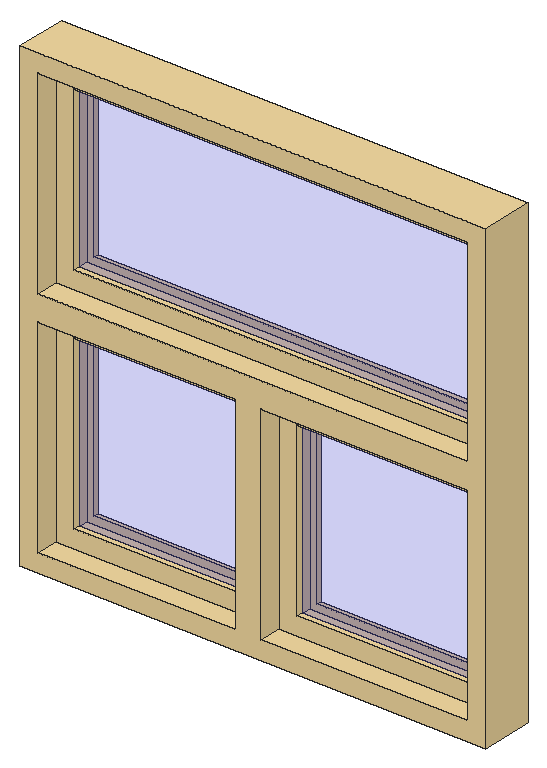
Revit family "3301-COto 62", category Windows, host Wall, Revit 2016
Family settings
  Host = Wall
  OmniClass Number = 23.30.20.00
  OmniClass Title = Windows
  Always vertical = Yes
  Cut with Voids When Loaded = No
  Shared = No
  Room Calculation Point = No
Parameters (values of type "1188x1188mm")
  top 3 [instance] = yes
  top 2 [instance] = yes
  top 1 [instance] = yes
  right 2 [instance] = no
  right 1 [instance] = no
  right 3 [instance] = no
  left 3 [instance] = no
  left 2 [instance] = no
  left 1 [instance] = no
  Sash 3 [instance] = or(top 3, right 3, left 3)  # yes
  Sash 2 [instance] = or(top 2, right 2, left 2)  # yes
  Sash 1 [instance] = or(top 1, right 1, left 1)  # yes
  Rough Width = Width + 2 * Joint  # 1212 mm
  Rough Height = Height + 2 * Joint  # 1212 mm
  Offset from wall = 40 mm
  Mullion 2 Placement = 594 mm
  Mullion 1 Placement = 594 mm
  Manufacturer = "www.kronevinduer.dk"
  Joint = 12 mm
  Height = 1188 mm
  Frame 176mm [instance] = no
  Frame 157mm [instance] = no
  Default Sill Height = 800 mm
  Wall Closure = By host
  Width = 1188 mm
  Analytic Construction = "<None>"
Reference planes
  plane 1 "Center (Front/Back)": y = 0
  plane 2 "Center (Left/Right)": x = 0
  plane 3 "Left": x = -594
  plane 4 "Right": x = 594
  plane 5 "Sill": z = 800
  plane 6 "Head": z = 1988
  plane 7 "Exterior": y = 100
  plane 8 "Interior": y = -100
  plane 9: y = 60
  plane 10: x = 582
  plane 11: x = -582
  plane 12: z = 812
  plane 13: z = 1976
  plane 14: x = -12
  plane 15: z = 1406
  plane 16: x = 285
  plane 17: x = -297
  plane 18: z = 1109
  plane 19: z = 1394
  plane 20: z = 1691
Forms (mm)
  Sweep 1, solid, material "Wood frame"
    path origin (0, 100, 0) x (1, 0, 0) y (0, 0, 1)
      loop
        line (582, 812) -> (582, 1976) -> (-582, 1976) -> (-582, 812) -> (582, 812)
    profile "COto 62 træ-alu,karm- fast glas 45mm : COto 62 træ-alu,karm- fast glas 45mm" origin (0, 100, 812) x (0, 0, -1) y (0, -1, 0)
      loop
        line (0, 170) -> (-45, 170) -> (-45, 99) -> (-27, 99) -> (-27, 51) -> (-45, 51) -> (-45, 40) -> (0, 40) -> (0, 170)
  Sweep 2, solid, material "Wood frame", visible <- "Frame 157mm"
    path origin (0, 100, 0) x (1, 0, 0) y (0, 0, 1)
      loop
        line (582, 812) -> (582, 1976) -> (-582, 1976) -> (-582, 812) -> (582, 812)
    profile "COto 62 træ-alu,karm- fast glas 45mm-157 : COto 62 træ-alu,karm- fast glas 45mm-157" origin (0, 100, 812) x (0, 0, -1) y (0, -1, 0)
      loop
        line (0, 197) -> (-45, 197) -> (-45, 99) -> (-27, 99) -> (-27, 51) -> (-45, 51) -> (-45, 40) -> (0, 40) -> (0, 197)
  Sweep 3, solid, material "Wood frame", visible <- "Frame 176mm"
    path origin (0, 100, 0) x (1, 0, 0) y (0, 0, 1)
      loop
        line (582, 812) -> (582, 1976) -> (-582, 1976) -> (-582, 812) -> (582, 812)
    profile "COto 62 træ-alu,karm- fast glas 45mm-176 : COto 62 træ-alu,karm- fast glas 45mm-176" origin (0, 100, 812) x (0, 0, -1) y (0, -1, 0)
      loop
        line (0, 216) -> (-45, 216) -> (-45, 99) -> (-27, 99) -> (-27, 51) -> (-45, 51) -> (-45, 40) -> (0, 40) -> (0, 216)
  Extrusion 4, solid, material "Glass"
    sketch origin (-594, 0, 0) x (0, -1, 0) y (0, 0, 1)
      loop
        line (-49, 839) -> (-1, 839) -> (-1, 1949) -> (-49, 1949) -> (-49, 839)
    from -1149 to -39
  Sweep 5, solid, material "Wood frame"
    path origin (0, 100, 0) x (1, 0, 0) y (0, 0, 1)
      loop
        line (582, 1406) -> (-582, 1406)
    profile "COto 62 træ-alu, Post-fast glas 63 mm : COto 62 træ-alu, Post-fast glas 63 mm" origin (0, 100, 1406) x (0, 0, -1) y (0, -1, 0)
      loop
        line (31.5, 170) -> (-31.5, 170) -> (-31.5, 99) -> (-13.5, 99) -> (-13.5, 51) -> (-31.5, 51) -> (-31.5, 40) -> (31.5, 40) -> (31.5, 51) -> (13.5, 51) -> (13.5, 99) -> (31.5, 99) -> (31.5, 170)
  Sweep 6, solid, material "Wood frame", visible <- "Frame 157mm"
    path origin (0, 100, 0) x (1, 0, 0) y (0, 0, 1)
      loop
        line (582, 1406) -> (-582, 1406)
    profile "COto 62 træ-alu, Post-fast glas 63 mm-157 : COto 62 træ-alu, Post-fast glas 63 mm-157" origin (0, 100, 1406) x (0, 0, -1) y (0, -1, 0)
      loop
        line (31.5, 197) -> (-31.5, 197) -> (-31.5, 99) -> (-13.5, 99) -> (-13.5, 51) -> (-31.5, 51) -> (-31.5, 40) -> (31.5, 40) -> (31.5, 51) -> (13.5, 51) -> (13.5, 99) -> (31.5, 99) -> (31.5, 197)
  Sweep 7, solid, material "Wood frame", visible <- "Frame 176mm"
    path origin (0, 100, 0) x (1, 0, 0) y (0, 0, 1)
      loop
        line (582, 1406) -> (-582, 1406)
    profile "COto 62 træ-alu, Post-fast glas 63 mm-176 : COto 62 træ-alu, Post-fast glas 63 mm-176" origin (0, 100, 1406) x (0, 0, -1) y (0, -1, 0)
      loop
        line (31.5, 216) -> (-31.5, 216) -> (-31.5, 99) -> (-13.5, 99) -> (-13.5, 51) -> (-31.5, 51) -> (-31.5, 40) -> (31.5, 40) -> (31.5, 51) -> (13.5, 51) -> (13.5, 99) -> (31.5, 99) -> (31.5, 216)
  Sweep 8, solid, material "Wood frame"
    path origin (0, 100, 0) x (1, 0, 0) y (0, 0, 1)
      loop
        line (-12, 812) -> (-12, 1406)
    profile "COto 62 træ-alu, Post-fast glas 63 mm : COto 62 træ-alu, Post-fast glas 63 mm" origin (-12, 100, 1109) x (-1, 0, 0) y (0, -1, 0)
      loop
        line (31.5, 170) -> (-31.5, 170) -> (-31.5, 99) -> (-13.5, 99) -> (-13.5, 51) -> (-31.5, 51) -> (-31.5, 40) -> (31.5, 40) -> (31.5, 51) -> (13.5, 51) -> (13.5, 99) -> (31.5, 99) -> (31.5, 170)
  Sweep 9, solid, material "Wood frame", visible <- "Frame 157mm"
    path origin (0, 100, 0) x (1, 0, 0) y (0, 0, 1)
      loop
        line (-12, 812) -> (-12, 1406)
    profile "COto 62 træ-alu, Post-fast glas 63 mm-157 : COto 62 træ-alu, Post-fast glas 63 mm-157" origin (-12, 100, 1109) x (-1, 0, 0) y (0, -1, 0)
      loop
        line (31.5, 197) -> (-31.5, 197) -> (-31.5, 99) -> (-13.5, 99) -> (-13.5, 51) -> (-31.5, 51) -> (-31.5, 40) -> (31.5, 40) -> (31.5, 51) -> (13.5, 51) -> (13.5, 99) -> (31.5, 99) -> (31.5, 197)
  Sweep 10, solid, material "Wood frame", visible <- "Frame 176mm"
    path origin (0, 100, 0) x (1, 0, 0) y (0, 0, 1)
      loop
        line (-12, 812) -> (-12, 1406)
    profile "COto 62 træ-alu, Post-fast glas 63 mm-176 : COto 62 træ-alu, Post-fast glas 63 mm-176" origin (-12, 100, 1109) x (-1, 0, 0) y (0, -1, 0)
      loop
        line (31.5, 216) -> (-31.5, 216) -> (-31.5, 99) -> (-13.5, 99) -> (-13.5, 51) -> (-31.5, 51) -> (-31.5, 40) -> (31.5, 40) -> (31.5, 51) -> (13.5, 51) -> (13.5, 99) -> (31.5, 99) -> (31.5, 216)
  Sweep 11, solid, material "Wood frame", visible <- "Sash 1"
    path origin (0, 100, 0) x (1, 0, 0) y (0, 0, 1)
      loop
        line (555, 839) -> (555, 1392.5) -> (1.5, 1392.5) -> (1.5, 839) -> (555, 839)
    profile "COto 62 træ-alu,opluk-ramme : COto 62 træ-alu,opluk-ramme" origin (278.25, 100, 839) x (0, 0, -1) y (0, -1, 0)
      loop
        line (0, 99) -> (-18, 99) -> (-18, 114) -> (-63, 114) -> (-63, 99) -> (-45, 99) -> (-45, 51) -> (-63, 51) -> (-63, 40) -> (0, 40) -> (0, 99)
  Sweep 12, solid, material "Wood frame", visible <- "Sash 2"
    path origin (0, 100, 0) x (1, 0, 0) y (0, 0, 1)
      loop
        line (-25.5, 839) -> (-25.5, 1392.5) -> (-555, 1392.5) -> (-555, 839) -> (-25.5, 839)
    profile "COto 62 træ-alu,opluk-ramme : COto 62 træ-alu,opluk-ramme" origin (-290.25, 100, 839) x (0, 0, -1) y (0, -1, 0)
      loop
        line (0, 99) -> (-18, 99) -> (-18, 114) -> (-63, 114) -> (-63, 99) -> (-45, 99) -> (-45, 51) -> (-63, 51) -> (-63, 40) -> (0, 40) -> (0, 99)
  Sweep 13, solid, material "Wood frame", visible <- "Sash 3"
    path origin (0, 100, 0) x (1, 0, 0) y (0, 0, 1)
      loop
        line (555, 1419.5) -> (555, 1949) -> (-555, 1949) -> (-555, 1419.5) -> (555, 1419.5)
    profile "COto 62 træ-alu,opluk-ramme : COto 62 træ-alu,opluk-ramme" origin (0, 100, 1419.5) x (0, 0, -1) y (0, -1, 0)
      loop
        line (0, 99) -> (-18, 99) -> (-18, 114) -> (-63, 114) -> (-63, 99) -> (-45, 99) -> (-45, 51) -> (-63, 51) -> (-63, 40) -> (0, 40) -> (0, 99)
Cuts and joins
  joined: Sweep 1, Sweep 5, Sweep 8
  joined: Sweep 2, Sweep 6, Sweep 9
  joined: Sweep 3, Sweep 7, Sweep 10
Lines and regions (mm)
  Opening 1
    outline origin (3500, -100, 0) x (1, 0, 0) y (0, 0, 1)
      loop
        line (-2906, 800) -> (-2906, 1988) -> (-4094, 1988) -> (-4094, 800) -> (-2906, 800)
  symbolic lines, visible <- "top 1"
    curve 1: line (555, 100, 1392.5) -> (285, 100, 839)
    curve 2: line (285, 100, 839) -> (1.5, 100, 1392.5)
  symbolic lines, visible <- "top 2"
    curve 3: line (-25.5, 100, 1392.5) -> (-297, 100, 839)
    curve 4: line (-297, 100, 839) -> (-555, 100, 1392.5)
  symbolic lines, visible <- "top 3"
    curve 5: line (555, 100, 1949) -> (0, 100, 1419.5)
    curve 6: line (0, 100, 1419.5) -> (-555, 100, 1949)
  symbolic lines, visible <- "left 3"
    curve 7: line (555, 100, 1949) -> (-555, 100, 1691)
    curve 8: line (-555, 100, 1691) -> (555, 100, 1419.5)
  symbolic lines, visible <- "right 3"
    curve 9: line (-555, 100, 1949) -> (555, 100, 1691)
    curve 10: line (555, 100, 1691) -> (-555, 100, 1419.5)
  symbolic lines, visible <- "left 1"
    curve 11: line (555, 100, 1392.5) -> (1.5, 100, 1109)
    curve 12: line (1.5, 100, 1109) -> (555, 100, 839)
  symbolic lines, visible <- "right 1"
    curve 13: line (1.5, 100, 1392.5) -> (555, 100, 1109)
    curve 14: line (555, 100, 1109) -> (1.5, 100, 839)
  symbolic lines, visible <- "left 2"
    curve 15: line (-25.5, 100, 1392.5) -> (-555, 100, 1109)
    curve 16: line (-555, 100, 1109) -> (-25.5, 100, 839)
  symbolic lines, visible <- "right 2"
    curve 17: line (-555, 100, 1392.5) -> (-25.5, 100, 1109)
    curve 18: line (-25.5, 100, 1109) -> (-555, 100, 839)
Text (mm)
  text "EXTERIOR" at (-1963.203, 1332.353, 0), in view "Ref. Level"
  text "INTERIOR" at (-1981.466, -818.386, 0), in view "Ref. Level"
  text "Exterior" at (0, 923.751, 2943.296), in view "Right"
  text "Exterior" at (0, 1040.484, 2685.409), in view "Left"
Dimensions and locks
  equal spacing: plane 3 "Left", plane 2 "Center (Left/Right)", plane 4 "Right"
  "Width": plane 3 "Left" to plane 4 "Right"
  "Height": plane 5 "Sill" to plane 6 "Head"
  "Default Sill Height": plane 5 "Sill" to level
  locked: plane 7 "Exterior" to host wall at 0
  locked: plane 8 "Interior" to host wall
  "Joint": plane 13 to plane 6 "Head"
  "Joint": plane 5 "Sill" to plane 12
  "Joint": plane 3 "Left" to plane 11
  "Joint": plane 10 to plane 4 "Right"
  "Offset from wall": plane 9 to plane 7 "Exterior"
  "Mullion 2 Placement": plane 14 to plane 10
  "Mullion 1 Placement": plane 12 to plane 15
  equal spacing: plane 14, plane 16, plane 10
  equal spacing: plane 12, plane 18, plane 15
  equal spacing: plane 11, plane 17, plane 14
  equal spacing: plane 12, plane 19, plane 13
  equal spacing: plane 15, plane 20, plane 13
  aligned and locked: plane 12 to Sweep 1 sketch curve
  aligned and locked: plane 10 to Sweep 1 sketch curve
  aligned and locked: Sweep 1 sketch curve to plane 13
  aligned and locked: Sweep 1 sketch curve to plane 11
  aligned and locked: Extrusion 4 sketch curve to Sweep 1  (x2)
  aligned and locked: Extrusion 4 to Sweep 1  (x4)
  aligned and locked: plane 15 to Sweep 5 sketch curve
  aligned and locked: Sweep 11 sketch curve to Extrusion 4  (x2)
  aligned and locked: cut or joined group of Sweep 1, Sweep 5, Sweep 8 to Sweep 11 sketch curve
  aligned and locked: Sweep 11 sketch curve to cut or joined group of Sweep 1, Sweep 5, Sweep 8
  aligned and locked: cut or joined group of Sweep 1, Sweep 5, Sweep 8 to Sweep 12 sketch curve
  aligned and locked: Sweep 12 sketch curve to cut or joined group of Sweep 1, Sweep 5, Sweep 8  (x3)
  aligned and locked: Sweep 13 sketch curve to cut or joined group of Sweep 1, Sweep 5, Sweep 8  (x2)
  aligned and locked: Sweep 13 sketch curve to Extrusion 4  (x2)
Automatic sketch dimensions
  Opening 1 sketch curve to plane 3 "Left" = 0 mm
  Opening 1 sketch curve to plane 4 "Right" = 0 mm
  Opening 1 sketch curve to plane 5 "Sill" = 0 mm
  Opening 1 sketch curve to plane 6 "Head" = 0 mm
  plane 11 to Sweep 2 sketch curve = 0 mm
  plane 10 to Sweep 2 sketch curve = 0 mm
  Sweep 2 sketch curve to plane 12 = 0 mm
  Sweep 2 sketch curve to plane 13 = 0 mm
  plane 11 to Sweep 3 sketch curve = 0 mm
  plane 10 to Sweep 3 sketch curve = 0 mm
  Sweep 3 sketch curve to plane 12 = 0 mm
  Sweep 3 sketch curve to plane 13 = 0 mm
  Extrusion 4 sketch curve to plane 5 "Sill" = 39 mm
  plane 6 "Head" to Extrusion 4 sketch curve = 39 mm
  plane 11 to Sweep 5 sketch curve = 0 mm
  plane 10 to Sweep 5 sketch curve = 0 mm
  plane 11 to Sweep 6 sketch curve = 0 mm
  plane 10 to Sweep 6 sketch curve = 0 mm
  Sweep 6 sketch curve to plane 15 = 0 mm
  plane 11 to Sweep 7 sketch curve = 0 mm
  plane 10 to Sweep 7 sketch curve = 0 mm
  Sweep 7 sketch curve to plane 15 = 0 mm
  plane 14 to Sweep 8 sketch curve = 0 mm
  Sweep 8 sketch curve to plane 12 = 0 mm
  Sweep 8 sketch curve to plane 15 = 0 mm
  plane 14 to Sweep 9 sketch curve = 0 mm
  Sweep 9 sketch curve to plane 12 = 0 mm
  Sweep 9 sketch curve to plane 15 = 0 mm
  plane 14 to Sweep 10 sketch curve = 0 mm
  Sweep 10 sketch curve to plane 12 = 0 mm
  Sweep 10 sketch curve to plane 15 = 0 mm
  curve 8 to plane 20 = 0 mm
  curve 15 to plane 18 = 0 mm
  plane 17 to curve 4 = 0 mm
  plane 2 "Center (Left/Right)" to curve 6 = 0 mm
  curve 17 to plane 18 = 0 mm
  curve 11 to plane 18 = 0 mm
  plane 16 to curve 2 = 0 mm
  curve 10 to plane 20 = 0 mm
  curve 14 to plane 18 = 0 mm
  curve 16 to plane 11 = 27 mm
  curve 4 to plane 11 = 27 mm
  curve 6 to plane 11 = 27 mm
  curve 7 to plane 11 = 27 mm
  plane 14 to curve 15 = 13.5 mm
  curve 13 to plane 14 = 13.5 mm
  curve 11 to plane 14 = 13.5 mm
  plane 10 to curve 10 = 27 mm
  plane 10 to curve 7 = 27 mm
  plane 10 to curve 11 = 27 mm
  plane 10 to curve 14 = 27 mm
  plane 12 to curve 4 = 27 mm
  plane 12 to curve 2 = 27 mm
  curve 15 to plane 15 = 13.5 mm
  curve 1 to plane 15 = 13.5 mm
  curve 13 to plane 15 = 13.5 mm
  curve 4 to plane 15 = 13.5 mm
  plane 15 to curve 6 = 13.5 mm
  curve 9 to plane 13 = 27 mm
  curve 5 to plane 13 = 27 mm
  curve 10 to curve 4 = 0 mm
  curve 18 to plane 11 = 27 mm
  plane 14 to curve 17 = 13.5 mm
  plane 14 to curve 16 = 13.5 mm
  curve 14 to plane 14 = 13.5 mm
  plane 10 to curve 8 = 27 mm
  plane 10 to curve 12 = 27 mm
  plane 12 to curve 16 = 27 mm
  plane 12 to curve 12 = 27 mm
  curve 14 to curve 16 = 0 mm
  plane 12 to curve 18 = 27 mm
  plane 15 to curve 8 = 13.5 mm
  plane 15 to curve 10 = 13.5 mm
